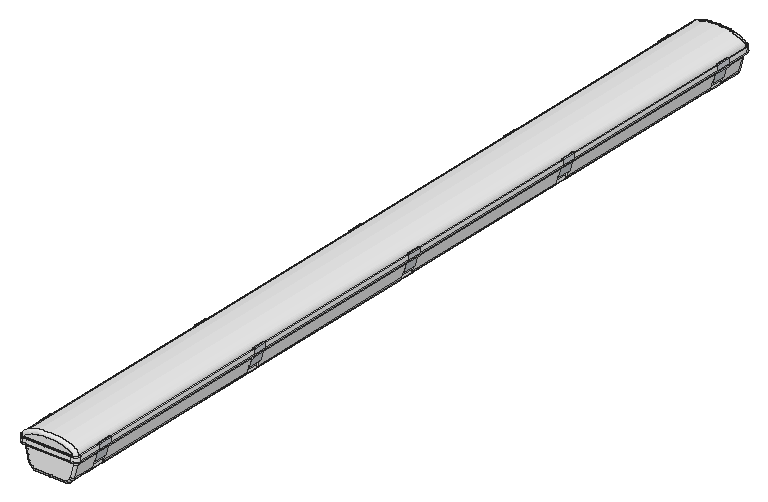
Revit family "0048793 Feilo Sylvania Lighting Fixture HYDROPROOF LED G3 1500MM T 4K", category Lighting Fixtures, host Face, Revit 2016
Family settings
  Host = Face
  Part Type = Normal
  Round Connector Dimension = Use Diameter
  OmniClass Number = 23.80.70.11.14
  OmniClass Title = General Luminaries, Directional
  Cut with Voids When Loaded = No
  Light Source = Yes
  Shared = No
  Room Calculation Point = No
Parameters (values of type "0048793 HYDROPROOF LED G3 1500MM T 4K  ")
  Width = 110 mm
  Weight = "2.53 kg"
  Wattage Comments = "n/a"
  Wattage = 47 W
  WarrantyStartDate [instance] = "n/a"
  WarrantyGuarantorParts = "n/a"
  WarrantyDurationUnit = "n/a"
  WarrantyDurationParts = "n/a"
  WarrantyDescription = "n/a"
  built-in parameter 1150110 = 1 (stored number, unit not read)
  Voltage = 230 V
  URL = "http://www.sylvania-lighting.com"
  TypeName = "HYDROPROOF LED G3 1500MM T 4K"
  Type Image = <None>
  Type Comments = "n/a"
  built-in parameter 1114217 = 1 (stored number, unit not read)
  Tilt Angle = -90.00°
  built-in parameter 1150109 = 1 (stored number, unit not read)
  built-in parameter 1150134 = 12
  built-in parameter 1150113 = 1 (stored number, unit not read)
  SerialNumber [instance] = "n/a"
  ReflectorMaterial = none
  PowerFactor = 0
  PowerConsumption = "47 W"
  Photometric Web File = "0048793.ies"
  NominalWidth = 0 mm
  NominalLength = 1578 mm
  NominalHeight = 78 mm
  Name = "HYDROPROOF LED G3 1500MM T 4K"
  ModelReference = "HYDROPROOF LED G3 1500MM T 4K"
  ModelNumber = "0048793"
  Model = "HYDROPROOF LED G3 1500MM T 4K"
  Material = "glass reinforced plastic housing, pmma diffuser"
  ManufacturerName = "Feilo Sylvania"
  Manufacturer = "Feilo Sylvania"
  LuminousEfficacy = "150 lm/W"
  built-in parameter 1150105 = 561.02 (stored number, unit not read)
  Lumens = 7050 lm
  LuminaireType = ""
  built-in parameter 1150115 = 1 (stored number, unit not read)
  LightOutputRatio = "n/a"
  built-in parameter 1150137 = (empty or 0)
  built-in parameter 1150139 = (empty or 0)
  Length = 1572 mm
  LampsType = Lamp  # "LED"
  LampNominalLuminous = "6900 lm"
  LampMacAdamStep = "3"
  LampColourTemperature = "4000 K"
  LampColourRenderingIndex = "80"
  built-in parameter 1150112 = 1 (stored number, unit not read)
  built-in parameter 1150114 = 1 (stored number, unit not read)
  Lamp = "LED"
  Keynote = "16500"
  InstallationDate [instance] = "n/a"
  InputVoltage = "220-240V~"
  InputNominalFrequency = "50/60 Hz"
  built-in parameter 1150132 = (empty or 0)
  built-in parameter 1150102 = (empty or 0)
  built-in parameter 1150107 = 4000 (stored number, unit not read)
  built-in parameter 1150138 = (empty or 0)
  IngressProtection = "IP65"
  ImpactProtectionIndex = "IK02"
  built-in parameter 1150106 = 5.6102 (stored number, unit not read)
  IfcExportType = "IfcLightFixtureType"
  IfcExportAs = "IfcLightFixtureType"
  ExpectedLife = 50000
  Emit from Rectangle Width = Width - 20 mm  # 90 mm
  Emit from Rectangle Length = Length - 20 mm  # 1552 mm
  Emit Shape Visible in Rendering = no
  ElectricShockClassification = "Class I"
  built-in parameter 1150104 = 13.935 (stored number, unit not read)
  DurationUnit = "hours"
  DocumentationLiterature = "http://www.sylvania-lighting.com/product/en-int/products/0048793"
  DimmingControlOptions = "n/a"
  Dimming Lamp Color Temperature Shift = <None>
  DiffuserMaterial = Diffuser-Sylvania-Transparent
  Description = "Hydroproof, integrated LED chemical resistant weatherproof luminaire, with UV stabilized flat diffuser and linear prisms designed to achieve uniform lit appearance, optimise light output and to reduce glare, stainless steel diffuser clips and fixing brackets for surface and wall mounting. L 1578 mm x W 110 mm x H 78 mm size, Glass Reinforced Plastic housing, PMMA diffuser, DALI dimmable, 4000K, CRI80,  6900 lm, 47 W, 150 lm/W, nominal average life (h):50000, energy class: A++ A+ A Class I,IK02, IP65."
  Default Elevation = 1219.2 mm
  CreatedOn = "3/27/2018"
  CreatedBy = "aron.fodor@feilosylvania.com"
  Cost = 0
  Color Filter = 16777215
  built-in parameter 1114216 [instance] = (empty or 0)
  ClassificationValue = "EF_70_80"
  ClassificationName = "Uniclass2015"
  BodyMaterial = Body-Sylvania-Gray
  BarCode [instance] = "n/a"
  built-in parameter 1114218 = 1 (stored number, unit not read)
  built-in parameter 1150133 = 10 (stored number, unit not read)
  AssetType = "Fixed"
  AssetIdentifier [instance] = "n/a"
  Assembly Code = "D5020200"
  Apparent Load = 47 VA
  AccessoryMaterial = Diffuser-Sylvania-Glow
Reference planes
  plane 1 "Center (Front/Back)": y = 0
  plane 2: z = 0
  plane 3 "Center (Left/Right)": x = 0
  plane 4: z = 54
  plane 5: x = -27.7
  plane 6: x = -34.8
  plane 7: x = -39.6
  plane 8: x = -42.2
  plane 9: z = 3
  plane 10: z = 7.8
  plane 11: z = 12.3
  plane 12: z = 36.6
  plane 13: z = 42.8
  plane 14: x = -51.1
  plane 15: z = 46.2
  plane 16: x = -55
  plane 17: y = 786
  plane 18: y = -786
  plane 19: x = 27.7
  plane 20: x = 34.8
  plane 21: x = 39.6
  plane 22: x = 42.2
  plane 23: x = 51.1
  plane 24: x = 55
  plane 25: y = 778.4
  plane 26: y = -778.4
  plane 27: y = -774.7
  plane 28: y = 774.7
  plane 29: z = 74
  plane 30: x = -51.5
  plane 31: x = 51.5
  plane 32: z = 55.2
  plane 33: y = -782.5
  plane 34: y = 782.5
  plane 35: x = -37.5
  plane 36: x = 37.5
  plane 37: x = -48.7
  plane 38: x = 48.7
  plane 39: x = 18
  plane 40: x = -18
  plane 41: z = 50.2
  plane 42: z = 24.6
  plane 43: y = 720
  plane 44: y = 706
  plane 45: y = 734
  plane 46: y = -720
  plane 47: y = 720
  plane 48: y = 706
  plane 49: y = 734
  plane 50: y = -720
  plane 51: y = -734
  plane 52: y = -706
  plane 53: y = 360
  plane 54: y = 346
  plane 55: y = 374
  plane 56: y = 0
  plane 57: y = -14
  plane 58: y = 14
  plane 59: y = -360
  plane 60: y = -374
  plane 61: y = -346
Forms (mm)
  Sweep 1, solid, material "Body-Sylvania-Gray" <- "BodyMaterial", detail levels medium+fine
    path origin (1223.4, -4572, 54) x (0, -1, 0) y (1, 0, 0)
      loop
        arc (-3796, -1278.4) -> (-3788.929, -1275.471) -> (-3786, -1268.4) r 10
        line (-3786, -1268.4) -> (-3786, -1178.4)
        arc (-3786, -1178.4) -> (-3788.929, -1171.329) -> (-3796, -1168.4) r 10
        line (-3796, -1168.4) -> (-5348, -1168.4)
        arc (-5348, -1168.4) -> (-5355.071, -1171.329) -> (-5358, -1178.4) r 10
        line (-5358, -1178.4) -> (-5358, -1268.4)
        arc (-5358, -1268.4) -> (-5355.071, -1275.471) -> (-5348, -1278.4) r 10
        line (-5348, -1278.4) -> (-3796, -1278.4)
    profile origin (-55, 0, 54) x (-1, 0, 0) y (0, 0, 1)
      loop
        line (0, 0) -> (-1, 0) -> (-1, -7.726)
        arc (-1, -7.726) -> (-1.994, -9.498) -> (-3.9, -10.2) r 2.937
        line (-3.9, -10.2) -> (-8.571, -10.2) -> (-8.571, -11.2) -> (-3.9, -11.2)
        arc (-3.9, -11.2) -> (-1.313, -10.231) -> (0, -7.8) r 3.937
        line (0, -7.8) -> (0, 0)
  Sweep 2, solid, material "Body-Sylvania-Gray" <- "BodyMaterial", detail levels medium+fine
    path origin (0, 0, 0) x (1, 0, 0) y (0, 0, 1)
      loop
        line (48.7, 42.8) -> (48.7, 36.6) -> (42.203, 12.31)
        arc (42.203, 12.31) -> (41.199, 9.884) -> (39.6, 7.8) r 10.052
        line (39.6, 7.8) -> (34.8, 3)
        arc (34.8, 3) -> (31.554, 0.781) -> (27.7, 0) r 9.902
        line (27.7, 0) -> (0, 0) -> (-27.7, 0)
        arc (-27.7, 0) -> (-31.554, 0.781) -> (-34.8, 3) r 9.902
        line (-34.8, 3) -> (-39.6, 7.8)
        arc (-39.6, 7.8) -> (-41.199, 9.884) -> (-42.203, 12.31) r 10.052
        line (-42.203, 12.31) -> (-48.7, 36.6) -> (-48.7, 42.8)
    profile origin (0, 0, 0) x (0, 0, -1) y (0, -1, 0)
      loop
        arc (0, 773.4) -> (-1.464, 776.936) -> (-5, 778.4) r 5
        line (-5, 778.4) -> (-7.8, 778.4) -> (-7.8, -778.4) -> (-5, -778.4)
        arc (-5, -778.4) -> (-1.464, -776.936) -> (0, -773.4) r 5
        line (0, -773.4) -> (0, 773.4)
  Extrusion 3, solid, material "Body-Sylvania-Gray" <- "BodyMaterial", detail levels medium+fine
    sketch origin (1524, 778.4, 1219.2) x (1, 0, 0) y (0, 0, 1)
      loop
        arc (-1558.668, -1204.874) -> (-1558.443, -1205.418) -> (-1558.085, -1205.885) r 2.252
        line (-1558.085, -1205.885) -> (-1553.231, -1210.738)
        arc (-1553.231, -1210.738) -> (-1552.534, -1211.227) -> (-1551.7, -1211.4) r 2.102
        line (-1551.7, -1211.4) -> (-1496.3, -1211.4)
        arc (-1496.3, -1211.4) -> (-1495.466, -1211.227) -> (-1494.769, -1210.738) r 2.102
        line (-1494.769, -1210.738) -> (-1489.915, -1205.885)
        arc (-1489.915, -1205.885) -> (-1489.557, -1205.418) -> (-1489.332, -1204.874) r 2.252
        line (-1489.332, -1204.874) -> (-1483.1, -1181.575) -> (-1483.1, -1176.4) -> (-1564.9, -1176.4) -> (-1564.9, -1181.575) -> (-1558.668, -1204.874)
    from 0 to 1556.8
  Sweep 4, solid, material "Diffuser-Sylvania-Transparent" <- "DiffuserMaterial", detail levels medium+fine
    path origin (0, 0, 0) x (1, 0, 0) y (0, 0, 1)
      loop
        spline (-51.5, 55.2) -> (-49.745, 60.066) -> (-44.6, 64.6) -> (-36.416, 68.494) -> (-25.75, 71.481) -> (-13.329, 73.359) -> (0, 74) -> (13.329, 73.359) -> (25.75, 71.481) -> (36.416, 68.494) -> (44.6, 64.6) -> (49.745, 60.066) -> (51.5, 55.2)
    profile origin (51.5, 0, 55.2) x (0, -1, 0) y (1, 0, 0)
      loop
        arc (782.5, -5.5) -> (780.889, -1.611) -> (777, 0) r 5.5
        line (777, 0) -> (-777, 0)
        arc (-777, 0) -> (-780.889, -1.611) -> (-782.5, -5.5) r 5.5
        line (-782.5, -5.5) -> (-782.5, -6.3) -> (-781.5, -6.3) -> (-781.5, -5.5)
        arc (-781.5, -5.5) -> (-780.182, -2.318) -> (-777, -1) r 4.5
        line (-777, -1) -> (777, -1)
        arc (777, -1) -> (780.182, -2.318) -> (781.5, -5.5) r 4.5
        line (781.5, -5.5) -> (781.5, -6.347) -> (782.5, -6.347) -> (782.5, -5.5)
  Extrusion 5, solid, material "Diffuser-Sylvania-Transparent" <- "DiffuserMaterial", detail levels medium+fine
    sketch origin (1524, -782.5, 1219.2) x (1, 0, 0) y (0, 0, 1)
      loop
        line (-1569.653, -1164) -> (-1478.347, -1164)
        spline (-1478.347, -1164) -> (-1478.969, -1162.594) -> (-1482.527, -1159.545) -> (-1489.588, -1156.201) -> (-1499.458, -1153.445) -> (-1511.242, -1151.663) -> (-1524, -1151.049) -> (-1536.758, -1151.663) -> (-1548.542, -1153.445) -> (-1558.412, -1156.201) -> (-1565.473, -1159.545) -> (-1569.031, -1162.594) -> (-1569.653, -1164)
    from 0 to -1
  Extrusion 6, solid, material "Diffuser-Sylvania-Transparent" <- "DiffuserMaterial", detail levels medium+fine
    sketch origin (1524, 782.5, 1219.2) x (1, 0, 0) y (0, 0, 1)
      loop
        spline (-1478.3, -1164) -> (-1478.931, -1162.565) -> (-1482.502, -1159.505) -> (-1489.572, -1156.155) -> (-1499.446, -1153.394) -> (-1511.236, -1151.614) -> (-1524, -1151.007) -> (-1536.764, -1151.614) -> (-1548.554, -1153.394) -> (-1558.428, -1156.155) -> (-1565.498, -1159.505) -> (-1569.069, -1162.565) -> (-1569.7, -1164)
        line (-1569.7, -1164) -> (-1478.3, -1164)
    from 0 to 1
  Extrusion 7, solid, material "Diffuser-Sylvania-Transparent" <- "DiffuserMaterial", detail levels medium+fine
    sketch origin (1223.4, -4572, 55.2) x (0, -1, 0) y (-1, 0, 0)
      loop
        arc (-5353.5, 1177.4) -> (-5352.182, 1174.218) -> (-5349, 1172.9) r 4.5
        line (-5349, 1172.9) -> (-3795, 1172.9)
        arc (-3795, 1172.9) -> (-3791.818, 1174.218) -> (-3790.5, 1177.4) r 4.5
        line (-3790.5, 1177.4) -> (-3790.5, 1269.4)
        arc (-3790.5, 1269.4) -> (-3791.818, 1272.582) -> (-3795, 1273.9) r 4.5
        line (-3795, 1273.9) -> (-5349, 1273.9)
        arc (-5349, 1273.9) -> (-5352.182, 1272.582) -> (-5353.5, 1269.4) r 4.5
        line (-5353.5, 1269.4) -> (-5353.5, 1177.4)
      loop
        line (-5358, 1268.4) -> (-5358, 1178.4)
        arc (-5358, 1178.4) -> (-5355.071, 1171.329) -> (-5348, 1168.4) r 10
        line (-5348, 1168.4) -> (-3796, 1168.4)
        arc (-3796, 1168.4) -> (-3788.929, 1171.329) -> (-3786, 1178.4) r 10
        line (-3786, 1178.4) -> (-3786, 1268.4)
        arc (-3786, 1268.4) -> (-3788.929, 1275.471) -> (-3796, 1278.4) r 10
        line (-3796, 1278.4) -> (-5348, 1278.4)
        arc (-5348, 1278.4) -> (-5355.071, 1275.471) -> (-5358, 1268.4) r 10
    from 0 to 1.2
  Extrusion 8, solid, material "Diffuser-Sylvania-Glow" <- "AccessoryMaterial", detail levels fine
    sketch origin (0, 0, 0) x (1, 0, 0) y (0, 0, 1)
      loop
        circle (-18, 50.2) r 8
      loop
        circle (18, 50.2) r 8
    from -774.7 to 774.7
  Extrusion 9, void
    sketch origin (0, 720, 2343.807) x (0, 0, -1) y (-1, 0, 0)
      loop
        line (2340.807, -37.5) -> (2331.507, -37.5) -> (2319.207, -42.2) -> (2319.207, -48.7) -> (2340.807, -48.7) -> (2340.807, -37.5)
      loop
        line (2340.807, 37.5) -> (2340.807, 48.7) -> (2319.207, 48.7) -> (2319.207, 42.2) -> (2331.507, 37.5) -> (2340.807, 37.5)
    from -14 to 14
  Extrusion 10, solid, material "Body-Sylvania-Gray" <- "BodyMaterial", detail levels coarse
    sketch origin (0, 0, 0) x (1, 0, 0) y (0, 0, 1)
      loop
        line (55, 42.8) -> (55, 55.2) -> (-55, 55.2) -> (-55, 42.791) -> (-42.2, 0) -> (42.2, 0) -> (55, 42.8)
    from -786 to 786
  Extrusion 11, solid, material "Diffuser-Sylvania-Transparent" <- "DiffuserMaterial", detail levels coarse
    sketch origin (0, 0, 0) x (1, 0, 0) y (0, 0, 1)
      loop
        arc (51.5, 55.2) -> (0, 74) -> (-51.5, 55.2) r 79.939
        line (-51.5, 55.2) -> (51.5, 55.2)
    from 778.4 to -778.4
  Extrusion 12, void, not visible
    sketch origin (0, 720, 2343.807) x (0, 0, -1) y (-1, 0, 0)
      loop
        line (2340.807, -37.5) -> (2331.507, -37.5) -> (2319.207, -42.2) -> (2319.207, -48.7) -> (2340.807, -48.7) -> (2340.807, -37.5)
      loop
        line (2340.807, 37.5) -> (2340.807, 48.7) -> (2319.207, 48.7) -> (2319.207, 42.2) -> (2331.507, 37.5) -> (2340.807, 37.5)
    from -14 to 14
  Extrusion 13, void
    sketch origin (0, -720, 2343.807) x (0, 0, -1) y (-1, 0, 0)
      loop
        line (2340.807, -37.5) -> (2331.507, -37.5) -> (2319.207, -42.2) -> (2319.207, -48.7) -> (2340.807, -48.7) -> (2340.807, -37.5)
      loop
        line (2340.807, 37.5) -> (2340.807, 48.7) -> (2319.207, 48.7) -> (2319.207, 42.2) -> (2331.507, 37.5) -> (2340.807, 37.5)
    from -14 to 14
  Extrusion 14, void
    sketch origin (0, 360, 2343.807) x (0, 0, -1) y (-1, 0, 0)
      loop
        line (2340.807, -37.5) -> (2331.507, -37.5) -> (2319.207, -42.2) -> (2319.207, -48.7) -> (2340.807, -48.7) -> (2340.807, -37.5)
      loop
        line (2340.807, 37.5) -> (2340.807, 48.7) -> (2319.207, 48.7) -> (2319.207, 42.2) -> (2331.507, 37.5) -> (2340.807, 37.5)
    from -14 to 14
  Extrusion 15, void
    sketch origin (0, 0, 2343.807) x (0, 0, -1) y (-1, 0, 0)
      loop
        line (2340.807, -37.5) -> (2331.507, -37.5) -> (2319.207, -42.2) -> (2319.207, -48.7) -> (2340.807, -48.7) -> (2340.807, -37.5)
      loop
        line (2340.807, 37.5) -> (2340.807, 48.7) -> (2319.207, 48.7) -> (2319.207, 42.2) -> (2331.507, 37.5) -> (2340.807, 37.5)
    from -14 to 14
  Extrusion 16, void
    sketch origin (0, -360, 2343.807) x (0, 0, -1) y (-1, 0, 0)
      loop
        line (2340.807, -37.5) -> (2331.507, -37.5) -> (2319.207, -42.2) -> (2319.207, -48.7) -> (2340.807, -48.7) -> (2340.807, -37.5)
      loop
        line (2340.807, 37.5) -> (2340.807, 48.7) -> (2319.207, 48.7) -> (2319.207, 42.2) -> (2331.507, 37.5) -> (2340.807, 37.5)
    from -14 to 14
Cuts and joins
  Extrusion 9, Extrusion 13, Extrusion 14, Extrusion 15, Extrusion 16 cuts Sweep 2
  Extrusion 13, Extrusion 14, Extrusion 15, Extrusion 16 cuts Extrusion 3
  joined: Sweep 2, Extrusion 3
  joined: Sweep 4, Extrusion 5, Extrusion 6
Dimensions and locks
  locked: plane 4 to plane 2 at 54
  plane 5 to plane 6 to plane 7 to plane 8 to plane 14 to plane 16 = 7.1 mm locked, 4.8 mm locked, 2.6 mm locked, 8.9 mm, 3.9 mm
  plane 4 to plane 15 to plane 13 to plane 12 to plane 11 to plane 10 to plane 9 = 7.8 mm locked, 3.4 mm, 6.2 mm locked, 24.3 mm locked, 4.5 mm locked, 4.8 mm locked
  equal spacing: plane 18, plane 1 "Center (Front/Back)", plane 17
  "Length": plane 18 to plane 17
  plane 19 to plane 20 to plane 21 to plane 22 to plane 23 to plane 24 = 7.1 mm locked, 4.8 mm locked, 2.6 mm locked, 8.9 mm, 3.9 mm
  equal spacing: plane 24, plane 3 "Center (Left/Right)", plane 16
  "Width": plane 24 to plane 16
  equal spacing: plane 27, plane 1 "Center (Front/Back)", plane 28
  locked: plane 26 to plane 27 at 3.7
  locked: Sweep 1 sketch curve to profile plane at 1
  locked: Sweep 1 sketch curve to plane 13 at 1
  locked: Sweep 1 sketch curve to plane 13 at 3.937  (x2)
  locked: Sweep 1 sketch curve to profile plane at 3.9  (x2)
  locked: plane 29 to plane 4 at 20
  equal spacing: plane 31, plane 3 "Center (Left/Right)", plane 30
  locked: plane 30 to plane 16 at 3.5
  locked: plane 32 to plane 4 at 1.2
  equal spacing: plane 33, plane 1 "Center (Front/Back)", plane 34
  equal spacing: plane 36, plane 3 "Center (Left/Right)", plane 35
  locked: plane 3 "Center (Left/Right)" to plane 35 at 37.5
  locked: plane 34 to plane 17 at 3.5
  equal spacing: plane 38, plane 3 "Center (Left/Right)", plane 37
  locked: plane 37 to plane 16 at 6.3
  equal spacing: plane 25, plane 1 "Center (Front/Back)", plane 26
  locked: plane 17 to plane 25 at 7.6
  locked: Sweep 2 sketch curve to plane 2 at 5  (x2)
  locked: Sweep 2 sketch curve to plane 26 at 5
  locked: plane 25 to Sweep 2 sketch curve at 5
  locked: Sweep 4 sketch curve to plane 31 at 5.5  (x2)
  locked: Sweep 4 sketch curve to plane 34 at 5.5
  plane 33 to Sweep 4 sketch curve = 5.5 mm
  locked: plane 34 to Sweep 4 sketch curve at 1
  locked: Sweep 4 sketch curve to plane 31 at 1
  locked: Sweep 4 sketch curve to Sweep 4 sketch curve at 1
  locked: Sweep 4 sketch curve to plane 31 at 6.347
  locked: Sweep 4 sketch curve to plane 31 at 6.3
  equal spacing: plane 39, plane 3 "Center (Left/Right)", plane 40
  locked: plane 3 "Center (Left/Right)" to plane 40 at 18
  locked: plane 42 to plane 2 at 24.6
  plane 45 to plane 43 to plane 44 = 14 mm locked, 14 mm locked
  locked: plane 17 to plane 43 at 66
  equal spacing: plane 43, plane 1 "Center (Front/Back)", plane 46
  plane 49 to plane 47 to plane 48 = 14 mm locked, 14 mm locked
  plane 52 to plane 50 to plane 51 = 14 mm locked, 14 mm locked  (x2)
  equal spacing: group 1, group 6, group 7, group 8, group 5  (x2)
  equal spacing: group 5, group 8, group 7, group 6, group 1
  plane 55 to plane 53 to plane 54 = 14 mm locked, 14 mm locked  (x2)
  plane 58 to plane 56 to plane 57 = 14 mm locked, 14 mm locked  (x2)
  plane 61 to plane 59 to plane 60 = 14 mm locked, 14 mm locked  (x2)
  plane 43 to plane 53 to plane 1 "Center (Front/Back)" to plane 59 to plane 50 = 360 mm locked, 360 mm locked, 360 mm locked, 360 mm locked
  aligned and locked: plane 2 to host face
  aligned and locked: level to host face
  aligned and locked: plane 16 to Sweep 1 sketch curve
  aligned and locked: Sweep 1 sketch curve to plane 24
  aligned and locked: plane 18 to Sweep 1 sketch curve
  aligned and locked: Sweep 1 sketch curve to plane 13
  aligned and locked: profile plane to Sweep 1 sketch curve
  aligned and locked: plane 3 "Center (Left/Right)" to Sweep 2 sketch curve
  aligned and locked: plane 9 to Sweep 2 sketch curve
  aligned and locked: plane 10 to Sweep 2 sketch curve
  aligned and locked: plane 37 to Sweep 2 sketch curve
  aligned and locked: plane 12 to Sweep 2 sketch curve
  aligned and locked: Sweep 2 sketch curve to level
  aligned and locked: plane 21 to Sweep 2 sketch curve
  aligned and locked: plane 38 to Sweep 2 sketch curve
  aligned and locked: profile plane to Sweep 2 sketch curve
  aligned and locked: plane 25 to Sweep 2 sketch curve
  aligned and locked: Sweep 2 sketch curve to plane 10
  aligned and locked: Extrusion 3 sketch curve to Sweep 2  (x7)
  aligned and locked: Sweep 2 to Extrusion 3 sketch curve
  aligned and locked: Extrusion 3 to plane 25
  aligned and locked: plane 26 to Extrusion 3
  aligned and locked: plane 32 to Sweep 4 sketch curve
  aligned and locked: plane 33 to Sweep 4 sketch curve
  aligned and locked: Sweep 4 to Extrusion 5
  aligned and locked: plane 33 to Extrusion 5
  aligned and locked: Extrusion 5 sketch curve to Sweep 4
  aligned and locked: cut or joined group of Sweep 4, Extrusion 5, Extrusion 6 to Extrusion 6 sketch curve
  aligned and locked: Extrusion 7 sketch curve to cut or joined group of Sweep 4, Extrusion 5, Extrusion 6  (x2)
  aligned and locked: cut or joined group of Sweep 4, Extrusion 5, Extrusion 6 to Extrusion 7 sketch curve  (x2)
  aligned and locked: plane 41 to Extrusion 8 sketch curve  (x2)
  aligned and locked: plane 39 to Extrusion 8 sketch curve
  aligned and locked: plane 27 to Extrusion 8
  aligned and locked: Extrusion 8 to plane 28
  aligned and locked: Extrusion 9 to plane 42
  aligned and locked: plane 9 to Extrusion 9
  aligned and locked: plane 44 to Extrusion 9
  aligned and locked: Extrusion 9 to plane 45
  aligned and locked: Extrusion 7 sketch curve to Sweep 1  (x4)
  aligned and locked: plane 4 to Extrusion 7
  aligned and locked: Extrusion 7 to plane 32
  aligned and locked: nested 2 to plane 43
  aligned and locked: plane 43 to nested 1
  aligned and locked: Extrusion 10 sketch curve to plane 24
  aligned and locked: Extrusion 10 sketch curve to Extrusion 7
  aligned and locked: plane 8 to Extrusion 10 sketch curve
  aligned and locked: plane 22 to Extrusion 10 sketch curve
  aligned and locked: level to Extrusion 10 sketch curve
  aligned and locked: Extrusion 10 to plane 17
  aligned and locked: plane 18 to Extrusion 10
  aligned and locked: cut or joined group of Sweep 4, Extrusion 5, Extrusion 6 to Extrusion 11 sketch curve
  aligned and locked: Extrusion 11 sketch curve to cut or joined group of Sweep 4, Extrusion 5, Extrusion 6  (x2)
  aligned and locked: plane 31 to Extrusion 11 sketch curve
  aligned and locked: plane 30 to Extrusion 11 sketch curve
  aligned and locked: plane 26 to Extrusion 11
  aligned and locked: Extrusion 11 to plane 25
  aligned and locked: imposter light to plane 29
  aligned and locked: plane 3 "Center (Left/Right)" to imposter light
  aligned and locked: plane 1 "Center (Front/Back)" to imposter light
  aligned and locked: plane 51 to Extrusion 13
  aligned and locked: Extrusion 13 to plane 52
  aligned and locked: plane 54 to Extrusion 14
  aligned and locked: Extrusion 14 to plane 55
  aligned and locked: plane 57 to Extrusion 15
  aligned and locked: Extrusion 15 to plane 58
  aligned and locked: plane 60 to Extrusion 16
  aligned and locked: Extrusion 16 to plane 61
  aligned and locked: nested 3 to plane 53
  aligned and locked: plane 53 to nested 10
  aligned and locked: nested 4 to plane 56
  aligned and locked: plane 56 to nested 9
  aligned and locked: nested 5 to plane 59
  aligned and locked: plane 59 to nested 8
  aligned and locked: nested 6 to plane 50
  aligned and locked: plane 50 to nested 7
Automatic sketch dimensions
  host sketch curve to host sketch curve = 2438.4 mm  (x2)
  plane 17 to Sweep 1 sketch curve = 0 mm
  Sweep 1 sketch curve to plane 28 = 1.3 mm
  Sweep 1 sketch curve to plane 7 = 5.4 mm
  plane 27 to Sweep 1 sketch curve = 1.3 mm  (x2)
  Sweep 1 sketch curve to Sweep 1 sketch curve = 4.671 mm
  Sweep 1 sketch curve to plane 4 = 0 mm
  Sweep 2 sketch curve to plane 7 = 0 mm
  Sweep 2 sketch curve to plane 6 = 0 mm
  Sweep 2 sketch curve to plane 5 = 0 mm
  plane 19 to Sweep 2 sketch curve = 0 mm
  Sweep 2 sketch curve to plane 9 = 0 mm
  plane 20 to Sweep 2 sketch curve = 0 mm
  Sweep 2 sketch curve to plane 12 = 0 mm
  Sweep 2 sketch curve to plane 10 = 0 mm
  Sweep 2 sketch curve to plane 13 = 0 mm  (x2)
  Sweep 2 sketch curve to plane 8 = 0.003 mm
  plane 6 to Sweep 2 sketch curve = 2.308 mm
  plane 20 to Sweep 2 sketch curve = 2.308 mm
  Sweep 2 sketch curve to plane 22 = 0.003 mm
  Sweep 2 sketch curve to plane 11 = 0.01 mm  (x2)
  Extrusion 3 sketch curve to plane 5 = 0 mm
  plane 19 to Extrusion 3 sketch curve = 0 mm
  plane 6 to Extrusion 3 sketch curve = 0.132 mm
  plane 6 to Extrusion 3 sketch curve = 0.715 mm
  Extrusion 3 sketch curve to Extrusion 3 sketch curve = 1.592 mm
  Extrusion 3 sketch curve to plane 10 = 0.662 mm  (x2)
  plane 20 to Extrusion 3 sketch curve = 2.308 mm
  plane 20 to Extrusion 3 sketch curve = 0.715 mm
  plane 20 to Extrusion 3 sketch curve = 0.132 mm
  Sweep 4 sketch curve to plane 30 = 0 mm
  Sweep 4 sketch curve to plane 3 "Center (Left/Right)" = 0 mm
  Sweep 4 sketch curve to Sweep 4 sketch curve = 0 mm  (x2)
  plane 37 to Extrusion 5 sketch curve = 3.047 mm
  Extrusion 5 sketch curve to plane 38 = 3.047 mm
  plane 37 to Extrusion 6 sketch curve = 3 mm
  Extrusion 6 sketch curve to plane 38 = 3 mm
  plane 25 to Extrusion 7 sketch curve = 1.4 mm  (x2)
  Extrusion 7 sketch curve to plane 26 = 1.4 mm  (x2)
  Extrusion 8 sketch curve to plane 40 = 0 mm
  Extrusion 9 sketch curve to Extrusion 9 sketch curve = 0 mm
  Extrusion 9 sketch curve to Extrusion 9 sketch curve = 12.3 mm  (x2)
  Extrusion 9 sketch curve to Extrusion 9 sketch curve = 9.3 mm  (x2)
  Extrusion 9 sketch curve to Extrusion 9 sketch curve = 6.5 mm
  Extrusion 9 sketch curve to Extrusion 9 sketch curve = 4.7 mm  (x2)
  Extrusion 9 sketch curve to Extrusion 9 sketch curve = 75 mm
  Extrusion 9 sketch curve to Extrusion 9 sketch curve = 11.2 mm
  Extrusion 10 sketch curve to plane 13 = 0 mm
  plane 13 to Extrusion 10 sketch curve = 0.009 mm
  Extrusion 11 sketch curve to level = 5.939 mm
  Extrusion 10 sketch curve to plane 16 = 0 mm
  Extrusion 12 sketch curve to Extrusion 12 sketch curve = 0 mm
  Extrusion 12 sketch curve to Extrusion 12 sketch curve = 12.3 mm  (x2)
  Extrusion 12 sketch curve to Extrusion 12 sketch curve = 9.3 mm  (x2)
  Extrusion 12 sketch curve to Extrusion 12 sketch curve = 6.5 mm
  Extrusion 12 sketch curve to Extrusion 12 sketch curve = 4.7 mm  (x2)
  Extrusion 12 sketch curve to Extrusion 12 sketch curve = 75 mm
  Extrusion 12 sketch curve to Extrusion 12 sketch curve = 11.2 mm
  Extrusion 13 sketch curve to Extrusion 13 sketch curve = 0 mm
  Extrusion 13 sketch curve to Extrusion 13 sketch curve = 12.3 mm  (x2)
  Extrusion 13 sketch curve to Extrusion 13 sketch curve = 9.3 mm  (x2)
  Extrusion 13 sketch curve to Extrusion 13 sketch curve = 6.5 mm
  Extrusion 13 sketch curve to Extrusion 13 sketch curve = 4.7 mm  (x2)
  Extrusion 13 sketch curve to Extrusion 13 sketch curve = 75 mm
  Extrusion 13 sketch curve to Extrusion 13 sketch curve = 11.2 mm
  Extrusion 14 sketch curve to Extrusion 14 sketch curve = 0 mm
  Extrusion 14 sketch curve to Extrusion 14 sketch curve = 12.3 mm  (x2)
  Extrusion 14 sketch curve to Extrusion 14 sketch curve = 9.3 mm  (x2)
  Extrusion 14 sketch curve to Extrusion 14 sketch curve = 6.5 mm
  Extrusion 14 sketch curve to Extrusion 14 sketch curve = 4.7 mm  (x2)
  Extrusion 14 sketch curve to Extrusion 14 sketch curve = 75 mm
  Extrusion 14 sketch curve to Extrusion 14 sketch curve = 11.2 mm
  Extrusion 15 sketch curve to Extrusion 15 sketch curve = 0 mm
  Extrusion 15 sketch curve to Extrusion 15 sketch curve = 12.3 mm  (x2)
  Extrusion 15 sketch curve to Extrusion 15 sketch curve = 9.3 mm  (x2)
  Extrusion 15 sketch curve to Extrusion 15 sketch curve = 6.5 mm
  Extrusion 15 sketch curve to Extrusion 15 sketch curve = 4.7 mm  (x2)
  Extrusion 15 sketch curve to Extrusion 15 sketch curve = 75 mm
  Extrusion 15 sketch curve to Extrusion 15 sketch curve = 11.2 mm
  Extrusion 16 sketch curve to Extrusion 16 sketch curve = 0 mm
  Extrusion 16 sketch curve to Extrusion 16 sketch curve = 12.3 mm  (x2)
  Extrusion 16 sketch curve to Extrusion 16 sketch curve = 9.3 mm  (x2)
  Extrusion 16 sketch curve to Extrusion 16 sketch curve = 6.5 mm
  Extrusion 16 sketch curve to Extrusion 16 sketch curve = 4.7 mm  (x2)
  Extrusion 16 sketch curve to Extrusion 16 sketch curve = 75 mm
  Extrusion 16 sketch curve to Extrusion 16 sketch curve = 11.2 mm
  radius of Extrusion 8 sketch curve = 8 mm  (x2)
Nested families
  nested 1: "Clip" at (42.2, 720, 24.6), type "Clip", detail levels fine
  nested 2: "Clip" at (-42.2, 720, 24.6) x (-1, 0, 0) z (0, 0, 1), type "Clip", detail levels fine
  nested 3: "Clip" at (-42.2, 360, 24.6) x (-1, 0, 0) z (0, 0, 1), type "Clip", detail levels fine
  nested 4: "Clip" at (-42.2, 0, 24.6) x (-1, 0, 0) z (0, 0, 1), type "Clip", detail levels fine
  nested 5: "Clip" at (-42.2, -360, 24.6) x (-1, 0, 0) z (0, 0, 1), type "Clip", detail levels fine
  nested 6: "Clip" at (-42.2, -720, 24.6) x (-1, 0, 0) z (0, 0, 1), type "Clip", detail levels fine
  nested 7: "Clip" at (42.2, -720, 24.6), type "Clip", detail levels fine
  nested 8: "Clip" at (42.2, -360, 24.6), type "Clip", detail levels fine
  nested 9: "Clip" at (42.2, 0, 24.6), type "Clip", detail levels fine
  nested 10: "Clip" at (42.2, 360, 24.6), type "Clip", detail levels fine
Connectors
  electrical at (0, 0, 0), driven by "Apparent Load"
    settings: index 1, voltage 230 V, apparent load 47 VA, apparent load phase1 0 VA, apparent load phase2 0 VA, apparent load phase3 0 VA, power factor 0, load classification "Lighting", number of poles 1, system type 30, power factor state 1, is connector primary yes, connector utility no, sub classification motor no, connector description ""
Definition of nested family "Clip"
  Parameters (values of type "Clip")
    URL = "http://www.feilosylvania.com"
    Type Comments = "n/a"
    Model = "n/a"
    Manufacturer = "Feilo Sylvania"
    Keynote = "n/a"
    Description = "n/a"
    Default Elevation = 1219.2 mm
    Cost = 0
    BodyMaterial = none
    Assembly Code = "n/a"
  Reference planes
    plane 1 "Center (Front/Back)": y = 0
    plane 2: z = 0
    plane 3 "Center (Left/Right)": x = 0
    plane 4: x = 3.3
    plane 5: x = 6.5
    plane 6: x = 8.9
    plane 7: x = 12.8
    plane 8: z = 12
    plane 9: z = 18.2
    plane 10: z = 21.6
    plane 11: z = 30.6
    plane 12: x = 9.3
    plane 13: z = 19.2
    plane 14: z = 16.2
    plane 15: x = 10.1
    plane 16: y = 12
    plane 17: y = -12
  Forms (mm)
    Extrusion 1, solid
      sketch origin (-0.8, 0, 0) x (1, 0, 0) y (0, 1, 0)
        loop
          line (-1219.2, 1219.2) -> (-1219.2, -1219.2) -> (1219.2, -1219.2) -> (1219.2, 1219.2) -> (-1219.2, 1219.2)
      from 0 to -304.8
    Extrusion 2, solid
      sketch origin (0, 0, 0) x (1, 0, 0) y (0, 0, 1)
        loop
          line (8.9, 16.2) -> (4.58, 0) -> (0, 0) -> (0, -0.8) -> (5.195, -0.8) -> (9.603, 15.731) -> (13.6, 18.806) -> (13.6, 30.6)
          arc (13.6, 30.6) -> (11.45, 32.75) -> (9.3, 30.6) r 2.15
          line (9.3, 30.6) -> (10.1, 30.6)
          arc (10.1, 30.6) -> (11.45, 31.95) -> (12.8, 30.6) r 1.35
          line (12.8, 30.6) -> (12.8, 19.2) -> (8.9, 16.2)
      from -12 to 12
  Lines and regions (mm)
    reference lines
      curve 1: line (3.3, 0, 0) -> (6.5, 0, 12)
      curve 2: arc (8.9, 0, 18.2) -> (11.488, 0, 19.169) -> (12.8, 0, 21.6) r 3.934
  Dimensions and locks
    plane 7 to plane 6 to plane 5 to plane 4 to plane 3 "Center (Left/Right)" = 3.9 mm locked, 2.4 mm locked, 3.2 mm locked, 3.3 mm locked
    plane 11 to plane 10 to plane 9 to plane 8 to plane 2 = 9 mm locked, 3.4 mm locked, 6.2 mm locked, 12 mm locked
    locked: plane 7 to plane 12 at 3.5
    locked: plane 13 to plane 9 at 1
    locked: plane 9 to plane 14 at 2
    locked: plane 15 to plane 12 at 0.8
    locked: plane 2 to Extrusion 2 sketch curve at 0.8
    locked: Extrusion 2 sketch curve to Extrusion 2 sketch curve at 0.8  (x3)
    locked: plane 7 to Extrusion 2 sketch curve at 1.35
    equal spacing: plane 17, plane 1 "Center (Front/Back)", plane 16
    locked: plane 1 "Center (Front/Back)" to plane 16 at 12
    aligned and locked: plane 2 to Extrusion 1
    aligned and locked: level to Extrusion 1
    aligned and locked: plane 4 to curve 1
    aligned and locked: plane 5 to curve 1
    aligned and locked: plane 6 to curve 2
    aligned and locked: plane 10 to curve 2
    aligned and locked: plane 14 to Extrusion 2 sketch curve
    aligned and locked: plane 13 to Extrusion 2 sketch curve
    aligned and locked: plane 7 to Extrusion 2 sketch curve
    aligned and locked: plane 3 "Center (Left/Right)" to Extrusion 2 sketch curve
    aligned and locked: Extrusion 2 sketch curve to level
    aligned and locked: Extrusion 2 sketch curve to plane 11
    aligned and locked: plane 11 to Extrusion 2 sketch curve
    aligned and locked: Extrusion 2 to plane 16
    aligned and locked: plane 17 to Extrusion 2
  Automatic sketch dimensions
    Extrusion 1 sketch curve to Extrusion 1 sketch curve = 2438.4 mm  (x2)
    curve 2 to plane 7 = 0 mm
    curve 1 to level = 0 mm
    curve 1 to plane 8 = 0 mm
    curve 2 to plane 9 = 0 mm
    plane 6 to curve 2 = 0.002 mm
    Extrusion 2 sketch curve to Extrusion 2 sketch curve = 0 mm
    Extrusion 2 sketch curve to plane 6 = 0 mm
    plane 4 to Extrusion 2 sketch curve = 1.28 mm
